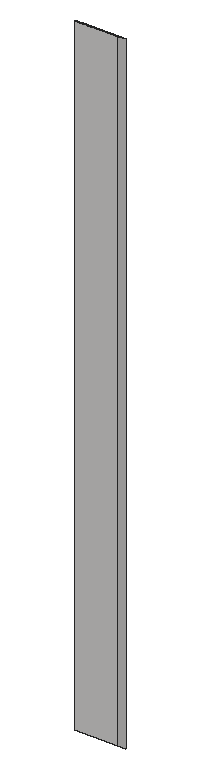
Revit family "M_Baluster - Steel Flat Upright", category Balusters, Revit 2018
Family settings
  OmniClass Number = 23.30.80.11.11.14
  OmniClass Title = Posts, Newel Posts, Pickets
  Always vertical = Yes
  Cut with Voids When Loaded = No
  Shared = No
Parameters (values of type "50 x 12mm")
  built-in parameter 1008623 [instance] = 32.47°
  built-in parameter 1008625 [instance] = (empty or 0)
  Post = no
  Steel Flat Thickness = 12 mm
  Steel Flat Width = 50 mm
  built-in parameter 1008624 [instance] = 32.47°
  Baluster Material = Metal - Stainless Steel,Polished
  built-in parameter 1008622 [instance] = 750 mm
Reference planes
  plane 1 "Center (Front/Back)": y = 0
  plane 2: z = 0
  plane 3 "Center (Left/Right)": x = 0
  plane 4 "Top": z = 750
  plane 5 "Top Cut Angle": through (0, 339.699, 533.838) normal (0, -0.5369, -0.8437)
  plane 6 "Bottom Cut Angle": through (0, 0, 0) normal (0, -0.5369, -0.8437)
  plane 7: y = 6
  plane 8: y = -6
  plane 9: x = -25
  plane 10: x = 25
Forms (mm)
  Extrusion 1, solid, material "Metal - Stainless Steel,Polished" <- "Baluster Material"
    sketch origin (0, 0, 0) x (0, 1, 0) y (0, 0, 1)
      loop
        line (-6, 753.818) -> (-6, 3.818) -> (6, -3.818) -> (6, 746.182) -> (-6, 753.818)
    from -25 to 25
Text (mm)
  text "Baluster Elevation" at (0, 987.338, 1092.824), in view "Left"
Dimensions and locks
  "built-in parameter 1008622": plane 2 to plane 4 "Top"
  locked: plane 2 to level at 0
  equal spacing: plane 7, plane 1 "Center (Front/Back)", plane 8
  "Steel Flat Thickness": plane 7 to plane 8
  equal spacing: plane 9, plane 3 "Center (Left/Right)", plane 10
  "Steel Flat Width": plane 9 to plane 10
  "built-in parameter 1008623": angle plane 4 "Top" to plane 5 "Top Cut Angle"
  "built-in parameter 1008624": angle level to plane 6 "Bottom Cut Angle"
  aligned and locked: plane 6 "Bottom Cut Angle" to Extrusion 1 sketch curve  (x2)
  aligned and locked: Extrusion 1 sketch curve to plane 8
  aligned and locked: plane 5 "Top Cut Angle" to Extrusion 1 sketch curve  (x2)
  aligned and locked: Extrusion 1 sketch curve to plane 7
  aligned and locked: plane 8 to Extrusion 1 sketch curve
  aligned and locked: plane 7 to Extrusion 1 sketch curve
  aligned and locked: Extrusion 1 to plane 9
  aligned and locked: plane 10 to Extrusion 1
Automatic sketch dimensions
  plane 5 "Top Cut Angle" to Extrusion 1 sketch curve = 0 mm
